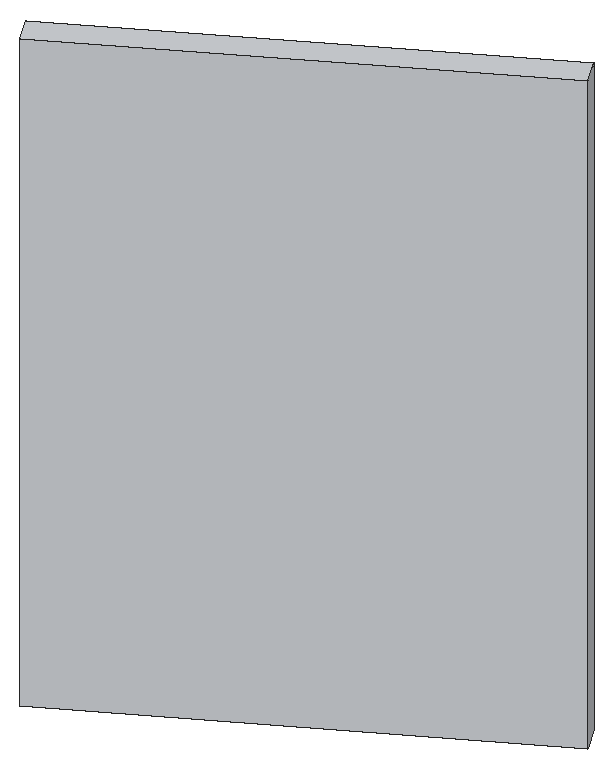
Revit family "Painel_Acustico", category Generic Models, Revit 2024
Family settings
  Can host rebar = No
  Round Connector Dimension = Use Diameter
  Part Type = Normal
  Work Plane-Based = No
  Always vertical = Yes
  Cut with Voids When Loaded = No
  Maintain Annotation Orientation = No
  Shared = No
  Room Calculation Point = No
Parameters (values of type "Painel 1m")
  Model = ""
  Material [instance] = PainelAcustico
  Largura = 1.500 m
  Espessura = 0.100 m
  Default Elevation = 0.000 m
  Altura [instance] = 2.000 m
  Angulo [instance] = 30.00°
  Absorptance = 0.88
Reference planes (m)
  plane 1 "Center (Front/Back)": y = 0
  plane 2: z = 0
  plane 3 "Center (Left/Right)": x = 0
Forms (m)
  Extrusion 1, solid
    sketch origin (0, 0, 0) x (1, 0, 0) y (0, 1, 0)
      loop
        line (0, 0) -> (0.05, -0.086603) -> (1.349038, 0.663397) -> (1.299038, 0.75) -> (0, 0)
    from 0 to 2
Lines and regions (m)
  reference lines
    curve 1: line (0, 0, 0) -> (1.299038, 0.75, 0)
Dimensions and locks (m)
  curve 1 to plane 1 "Center (Front/Back)" = 0.000 m
  "Largura": curve 1 to curve 1
  "Espessura": Extrusion 1 sketch curve to curve 1
  "Altura": Extrusion 1 to Extrusion 1
  "Largura": Extrusion 1 sketch curve to Extrusion 1 sketch curve
  "Angulo": angle plane 1 "Center (Front/Back)" to curve 1
  aligned and locked: level to plane 2
  aligned and locked: plane 3 "Center (Left/Right)" to curve 1
  aligned and locked: Extrusion 1 sketch curve to curve 1
Automatic sketch dimensions
  curve 1 to plane 3 "Center (Left/Right)" = 0.000 m
  plane 1 "Center (Front/Back)" to Extrusion 1 sketch curve = 0.000 m
